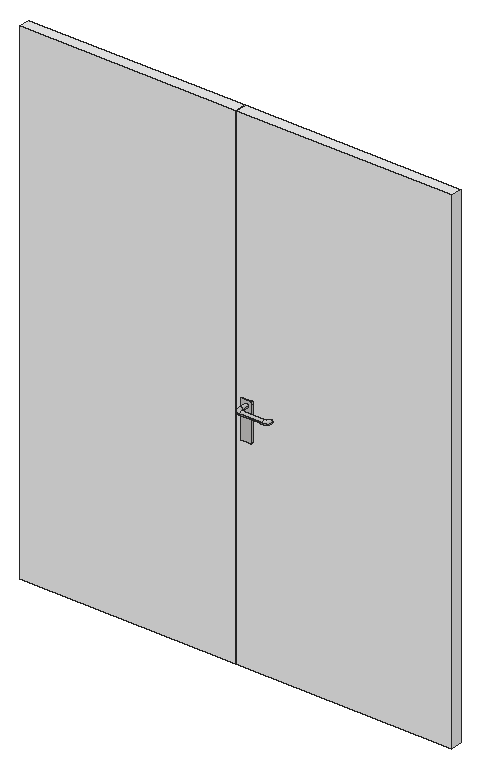
Revit family "CW Double Flush", category Doors, Revit 2015
Parameters (values of type "50mm")
  Thickness = 50.00 mm
  Model = ""
  Material = none
  Function = Interior
  Door Handle [instance] = Stainless Steel : Stainless Steel
  Construction Type = ""
  CQUnit = "pcs"
  CQKeynoteText = ""
Reference planes
  plane 1 "Center (Front/Back)": y = 0
  plane 2: z = 0
  plane 3 "Center (Left/Right)": x = 82.523
  plane 4: x = -831.877
  plane 5: x = 996.923
  plane 6 "Top": z = 2100
  plane 7: z = 1050
  plane 8: x = 132.523
Forms (mm)
  Extrusion 1, solid, material <- "Material"
    sketch origin (0, 0, 0) x (1, 0, 0) y (0, 0, 1)
      loop
        line (82.523, 0) -> (82.523, 2100) -> (-831.877, 2100) -> (-831.877, 0) -> (82.523, 0)
    from -25 to 25
  Extrusion 2, solid, material <- "Material"
    sketch origin (165.046, 0, 0) x (-1, 0, 0) y (0, 0, -1)
      loop
        line (82.523, 0) -> (-831.877, 0) -> (-831.877, -2100) -> (82.523, -2100) -> (82.523, 0)
    from -25 to 25
Lines and regions (mm)
  symbolic lines, style "Plan Swing"
    curve 1: line (-831.877, 0, 0) -> (-831.877, 914.4, 0)
    curve 2: line (996.923, 914.4, 0) -> (996.923, 0, 0)
    curve 3: arc (82.523, 0, 0) -> (-185.298, 646.578, 0) -> (-831.877, 914.4, 0) r 914.4
    curve 4: arc (82.523, 0, 0) -> (350.345, 646.578, 0) -> (996.923, 914.4, 0) r 914.4
  symbolic lines, style "Elevation Swing"
    curve 5: line (-831.877, 0, 2100) -> (82.523, 0, 1050)
    curve 6: line (82.523, 0, 1050) -> (-831.877, 0, 0)
    curve 7: line (996.923, 0, 2100) -> (82.523, 0, 1050)
    curve 8: line (82.523, 0, 1050) -> (996.923, 0, 0)
Text (mm)
  text "Exterior" at (-1161.5, 797.241, 0), in view "Ref. Level"
Dimensions and locks
  equal spacing: plane 4, plane 3 "Center (Left/Right)", plane 5
  equal spacing: plane 2, plane 7, plane 6 "Top"
  locked: plane 8 to plane 3 "Center (Left/Right)" at 50
  "Thickness": Extrusion 1 to Extrusion 1
  equal spacing: Extrusion 2, plane 1 "Center (Front/Back)", Extrusion 2
  aligned and locked: plane 2 to Extrusion 1 sketch curve
  aligned and locked: plane 6 "Top" to Extrusion 1 sketch curve
  aligned and locked: Extrusion 1 sketch curve to plane 4
  aligned and locked: Extrusion 1 sketch curve to plane 3 "Center (Left/Right)"
  aligned and locked: Extrusion 1 to Extrusion 2
  aligned and locked: Extrusion 2 to Extrusion 1
  aligned and locked: curve 1 to plane 4
  aligned and locked: plane 1 "Center (Front/Back)" to curve 1
  aligned and locked: curve 2 to plane 5
  aligned and locked: plane 1 "Center (Front/Back)" to curve 2
  aligned and locked: Extrusion 1 to curve 3
  aligned and locked: nested 1 to plane 8
  aligned and locked: Extrusion 2 to nested 1
  aligned and locked: plane 8 to nested 2
  aligned and locked: nested 2 to Extrusion 2
Automatic sketch dimensions
  Extrusion 2 sketch curve to level = 0.00 mm
  Extrusion 2 sketch curve to plane 5 = 0.00 mm
  Extrusion 2 sketch curve to plane 3 "Center (Left/Right)" = 0.00 mm
  Extrusion 2 sketch curve to plane 6 "Top" = 0.00 mm
  curve 4 to plane 3 "Center (Left/Right)" = 0.00 mm
  curve 3 to plane 1 "Center (Front/Back)" = 0.00 mm
  curve 6 to level = 0.00 mm
  plane 4 to curve 6 = 0.00 mm
  plane 4 to curve 5 = 0.00 mm
  curve 8 to plane 3 "Center (Left/Right)" = 0.00 mm
  curve 8 to level = 0.00 mm
  plane 5 to curve 8 = 0.00 mm
  plane 5 to curve 7 = 0.00 mm
  curve 6 to plane 7 = 0.00 mm
  curve 7 to plane 6 "Top" = 0.00 mm
  curve 5 to plane 6 "Top" = 0.00 mm
Nested families
  nested 1: "Stainless Steel" at (132.523, -25, 1000), type <- "Door Handle", type "Stainless Steel"
  nested 2: "Stainless Steel" at (132.523, 25, 1000), type <- "Door Handle", type "Stainless Steel"
Definition of nested family "Stainless Steel"
  Parameters
    Assembly Code = ""
  Reference planes
    plane 1 "Center (Front/Back)": y = 0
    plane 2: z = 0
    plane 3 "Center (Left/Right)": x = 0
  Forms (mm)
    Extrusion 1, solid, detail levels medium+fine
      sketch origin (0, 0, 0) x (1, 0, 0) y (0, 0, 1)
        loop
          arc (-18, 22) -> (-22.95, 19.95) -> (-25, 15) r 7
          line (-25, 15) -> (-25, -130.014)
          arc (-25, -130.014) -> (-22.95, -134.963) -> (-18, -137.014) r 7
          line (-18, -137.014) -> (18, -137.014)
          arc (18, -137.014) -> (22.95, -134.963) -> (25, -130.014) r 7
          line (25, -130.014) -> (25, 15)
          arc (25, 15) -> (22.95, 19.95) -> (18, 22) r 7
          line (18, 22) -> (-18, 22)
      from 0 to 5.6
    Sweep 2, solid, detail levels medium+fine
      path origin (0, 0, 0) x (1, 0, 0) y (0, 1, 0)
        loop
          line (0, -5.608) -> (0, -35.608)
          arc (0, -35.608) -> (5.858, -49.75) -> (20, -55.608) r 20
          line (20, -55.608) -> (116.25, -55.608)
          arc (116.25, -55.608) -> (125.973, -51.58) -> (130, -41.858) r 13.75
          line (130, -41.858) -> (130, -38.476)
      profile origin (0, -20.608, 0) x (1, 0, 0) y (0, 0, 1)
        loop
          circle (0, 0) r 7.5
